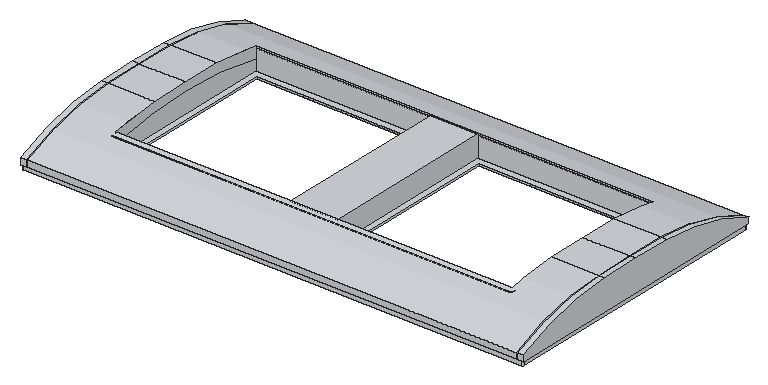
Revit family "Gira_021236", category Electrical Fixtures, host Face, Revit 2017
Family settings
  Host = Face
  Maintain Annotation Orientation = No
  Round Connector Dimension = Use Diameter
  Part Type = Normal
  Cut with Voids When Loaded = No
  Shared = No
  Room Calculation Point = No
Parameters (values of type "Abdeckrahmen 2f Zwischenr. F Alu Gira Event F Alu")
  Werkstoffgüte = "Thermoplast"
  Werkstoff = "Kunststoff"
  URL = "http://katalog.gira.de/de_DE/datenblatt.html?artikelnr=021236"
  Transparent = "No"
  Textfeld/Beschriftungsfläche = "No"
  Schutzart (IP) = "IP20"
  Region = "DE"
  Oberfläche = "sonstige"
  Name = "Abdeckrahmen 2f Zwischenr. F Alu Gira Event F Alu"
  Montagerichtung = "horizontal und vertikal"
  Mit Montagerahmen = "No"
  Mit Klappdeckel = "No"
  Manufacturer URL = "https://www.gira.de/"
  Keynote = "Event_Rahmen_2fach"
  HeinzeBIM = "https://bimportal.heinze.de/bim/abdeckrahmen-2f-zwischenr-f-alu-gira-event-f-alu/cacb88e84d09e164d4724267cae50a0380f76ed4"
  Halogenfrei = "Yes"
  HAN = "021236"
  Geeignet für Unterputz-Installation = "Yes"
  Geeignet für Unterflurkanaldose = "No"
  Geeignet für Geräteeinbaukanal = "No"
  Geeignet für Einbauinstallation = "No"
  GTIN = "4010337212362"
  Farbe = "aluminium"
  Default Elevation = 1219.2 mm
  Data sheet (1) = "https://katalog.gira.de/de_DE/download.html?artikelnr=021236"
  Category = "Abdeckrahmen"
  Befestigungsart = "Klemmbefestigung"
  Available = "Yes"
  Anzahl der Einheiten vertikal = "2 "
  Anzahl der Einheiten horizontal = "2 "
  Anzahl der Einheiten = "2 "
Reference planes
  plane 1 "Center (Front/Back)": y = 0
  plane 2: z = 0
  plane 3 "Center (Left/Right)": x = 0
Forms (mm)
  Extrusion 1, solid, detail levels fine
    sketch origin (0, 0, 0.05) x (0, 1, 0) y (0, 0, 1)
      loop
        arc (12.445, 9.683) -> (6.223, 9.833) -> (0, 9.85) r 291.636
        arc (0, 9.85) -> (-6.223, 9.833) -> (-12.445, 9.683) r 291.636
        arc (-12.445, 9.683) -> (-29.14, 7.482) -> (-45, 1.823) r 79.728
        line (-45, 1.823) -> (-45, -0.05) -> (-42.086, -0.05)
        arc (-42.086, -0.05) -> (-21.385, 5.559) -> (0, 7.206) r 114.424
        arc (0, 7.206) -> (21.385, 5.559) -> (42.086, -0.05) r 114.424
        line (42.086, -0.05) -> (45, -0.05) -> (45, 1.823)
        arc (45, 1.823) -> (29.14, 7.482) -> (12.445, 9.683) r 79.728
    from -78.55 to 78.55
  Extrusion 2, void, detail levels fine
    sketch origin (0, 0, 0) x (1, 0, 0) y (0, 1, 0)
      loop
        line (-63.55, -27.937) -> (63.55, -27.937) -> (63.55, 28.063) -> (-63.55, 28.063) -> (-63.55, -27.937)
    from 0.724 to 11
  Extrusion 3, solid, detail levels coarse
    sketch origin (0, 0, 0) x (1, 0, 0) y (0, 1, 0)
      loop
        line (-80.55, 45) -> (-80.55, -45) -> (80.55, -45) -> (80.55, 45) -> (-80.55, 45)
    from -1.5 to 9.9
  Extrusion 4, solid, detail levels medium
    sketch origin (0, 0, 0.05) x (0, 1, 0) y (0, 0, 1)
      loop
        arc (12.445, 9.683) -> (6.223, 9.833) -> (0, 9.85) r 291.636
        arc (0, 9.85) -> (-6.223, 9.833) -> (-12.445, 9.683) r 291.636
        arc (-12.445, 9.683) -> (-29.14, 7.482) -> (-45, 1.823) r 79.728
        line (-45, 1.823) -> (-45, -0.05) -> (45, -0.05) -> (45, 1.823)
        arc (45, 1.823) -> (29.14, 7.482) -> (12.445, 9.683) r 79.728
    from -80.55 to 80.55
  Extrusion 5, solid, detail levels fine
    sketch origin (-35.55, 0, -1.5) x (0, 1, 0) y (0, 0, -1)
      loop
        line (45, -3.373) -> (45, -1.5) -> (-45, -1.5) -> (-45, -3.373)
        arc (-45, -3.373) -> (-29.14, -9.032) -> (-12.445, -11.233) r 79.728
        arc (-12.445, -11.233) -> (-6.223, -11.383) -> (0, -11.4) r 291.636
        arc (0, -11.4) -> (6.223, -11.383) -> (12.445, -11.233) r 291.636
        arc (12.445, -11.233) -> (29.14, -9.032) -> (45, -3.373) r 79.728
    from 43 to 45
  Extrusion 6, solid, detail levels fine
    sketch origin (0, 0, 0) x (1, 0, 0) y (0, 1, 0)
      loop
        line (-61.45, 25.7) -> (-61.45, -25.7) -> (-9.65, -25.7) -> (-9.65, 25.7) -> (-61.45, 25.7)
      loop
        line (61.45, -25.7) -> (61.45, 25.7) -> (9.65, 25.7) -> (9.65, -25.7) -> (61.45, -25.7)
      loop
        line (-64.445, 28.49) -> (-64.445, -28.495)
        spline (-64.445, -28.495) -> (-64.436, -28.625) -> (-64.411, -28.754) -> (-64.369, -28.878) -> (-64.311, -28.995) -> (-64.238, -29.104) -> (-64.152, -29.202) -> (-64.054, -29.288) -> (-63.945, -29.361) -> (-63.828, -29.419) -> (-63.704, -29.461) -> (-63.575, -29.486) -> (-63.445, -29.495)
        line (-63.445, -29.495) -> (63.445, -29.495)
        spline (63.445, -29.495) -> (63.575, -29.486) -> (63.704, -29.461) -> (63.828, -29.419) -> (63.945, -29.361) -> (64.054, -29.288) -> (64.152, -29.202) -> (64.238, -29.104) -> (64.311, -28.995) -> (64.369, -28.878) -> (64.411, -28.754) -> (64.436, -28.625) -> (64.445, -28.495)
        line (64.445, -28.495) -> (64.445, 28.49)
        spline (64.445, 28.49) -> (64.436, 28.62) -> (64.411, 28.748) -> (64.369, 28.872) -> (64.311, 28.99) -> (64.238, 29.098) -> (64.152, 29.197) -> (64.054, 29.283) -> (63.945, 29.356) -> (63.828, 29.413) -> (63.704, 29.456) -> (63.575, 29.481) -> (63.445, 29.49)
        line (63.445, 29.49) -> (-63.445, 29.49)
        spline (-63.445, 29.49) -> (-63.575, 29.481) -> (-63.704, 29.456) -> (-63.828, 29.413) -> (-63.945, 29.356) -> (-64.054, 29.283) -> (-64.152, 29.197) -> (-64.238, 29.098) -> (-64.311, 28.99) -> (-64.369, 28.872) -> (-64.411, 28.748) -> (-64.436, 28.62) -> (-64.445, 28.49)
    from 0.1 to 7.3
  Extrusion 7, solid
    sketch origin (0, 0, 0) x (1, 0, 0) y (0, 1, 0)
      loop
        arc (-80.25, -44.2) -> (-80.104, -44.554) -> (-79.75, -44.7) r 0.5
        line (-79.75, -44.7) -> (79.75, -44.7)
        arc (79.75, -44.7) -> (80.104, -44.554) -> (80.25, -44.2) r 0.5
        line (80.25, -44.2) -> (80.25, 44.2)
        arc (80.25, 44.2) -> (80.104, 44.554) -> (79.75, 44.7) r 0.5
        line (79.75, 44.7) -> (-79.75, 44.7)
        arc (-79.75, 44.7) -> (-80.104, 44.554) -> (-80.25, 44.2) r 0.5
        line (-80.25, 44.2) -> (-80.25, -44.2)
      loop
        line (-78.55, 43) -> (-78.55, -43) -> (78.55, -43) -> (78.55, 43) -> (-78.55, 43)
    from -1.5 to 0.5
  Extrusion 8, solid, detail levels fine
    sketch origin (35.55, 0, -1.5) x (0, 1, 0) y (0, 0, 1)
      loop
        arc (45, 3.373) -> (29.14, 9.032) -> (12.445, 11.233) r 79.728
        arc (12.445, 11.233) -> (6.223, 11.383) -> (0, 11.4) r 291.636
        arc (0, 11.4) -> (-6.223, 11.383) -> (-12.445, 11.233) r 291.636
        arc (-12.445, 11.233) -> (-29.14, 9.032) -> (-45, 3.373) r 79.728
        line (-45, 3.373) -> (-45, 1.5) -> (45, 1.5) -> (45, 3.373)
    from 43 to 45
  Extrusion 9, solid, detail levels medium
    sketch origin (0, 0, 0) x (1, 0, 0) y (0, 1, 0)
      loop
        line (-80.25, -44.7) -> (80.25, -44.7) -> (80.25, 44.7) -> (-80.25, 44.7) -> (-80.25, -44.7)
    from -1.5 to 0.5
  Extrusion 10, solid, detail levels fine
    sketch origin (0, 0, 0) x (1, 0, 0) y (0, 1, 0)
      loop
        line (-7.55, 28.063) -> (-7.55, -27.937) -> (7.55, -27.937) -> (7.55, 28.063) -> (-7.55, 28.063)
    from 0.724 to 7.566
Cuts and joins
  Extrusion 2 cuts Extrusion 1
  Extrusion 2 cuts Extrusion 6
Dimensions and locks
  aligned and locked: plane 2 to host face
  aligned and locked: level to host face
